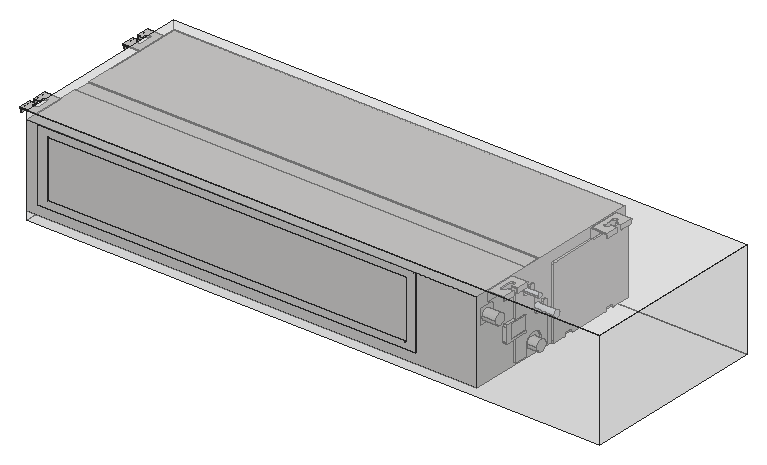
Revit family "outputfile", category 機械設備, Revit 2024
Family settings
  丸型コネクタ寸法 = 半径を使用
  パーツ タイプ = 標準
  OmniClass 番号 = 23.75.10.24.21.27.27
  OmniClass タイトル = Split System Air Conditioning Units
  作業面ベース = いいえ
  常に垂直 = はい
  ロード時にボイドで切り取り = いいえ
  注釈の向きを維持 = いいえ
  共有 = いいえ
  部屋計算ポイント = はい
Parameters (values of type "FPDAQ63APVM")
  Description = ""
  製造元 = "Daikin"
  書き出し IFC クラス(タイプ) = "IfcUnitaryEquipmentType"
  定義済み IFC タイプ(タイプ) = "AIRCONDITIONINGUNIT"
  Cost = 0
  モデル = "FPDAQ63APVM"
  Type Comments = ""
  Keynote = ""
  Type Image = (empty or 0)
  Assembly Code = ""
  lw_suctionflange = 36.75 mm  # constant formula
  r_Liquid Pipe Size = Liquid Pipe Size / 2  # 4.75 mm
  r_Gas Pipe Size = Gas Pipe Size / 2  # 7.95 mm
  r_Drain Pipe Size = Drain Pipe Size / 2  # 13.0 mm
  lw_dischargeflange = 60.0 mm  # constant formula
  lw_SA_left = 551.0 mm
  lw_SA = Width - 178.0 mm  # 922.0 mm
  lw_RA = 1024.5 mm
  lh_suctionflange [instance] = if(Rear Connection_Return Air, -100.0 mm, -10.0 mm)  # -100.0 mm
  lh_power = 100.0 mm  # constant formula
  lh_mountinghole1 = lh_mountinghole  # 200.0 mm
  lh_dischargeflange = 112.0 mm  # constant formula
  lh_RA = 198.0 mm  # constant formula
  ld_dischargeflange = 225.0 mm  # constant formula
  ld_suctionflange [instance] = if(Rear Connection_Return Air, 190.0 mm, 100.0 mm)  # 190.0 mm
  angle_vertical_RA [instance] = if(Rear Connection_Return Air, 90.00°, 0.00°)  # 90.00°
  angle horizontal_RA [instance] = if(Rear Connection_Return Air, 180.00°, 270.00°)  # 180.00°
  Voltage_comment_60Hz = "220-230"
  Voltage_comment_50Hz = "220 - 240"
  Voltage_60Hz = 220 V
  Voltage_50Hz = 230 V
  URL = ""
  Supply Air Direction [instance] = yes
  Sound Power Level_H speed (dB) = 0
  Rear Connection_Return Air [instance] = not(Bottom Connection_Return Air)  # yes
  ld_RA = 190.0 mm  # constant formula
  Phase_60Hz = 1
  Phase_50Hz = 1
  Minimum External Static Pressure = 0.00 Pa
  Minimum Circuit Amps_60Hz = 0.66 A
  Minimum Circuit Amps_50Hz = 0.66 A
  Maximum Fuse Amps_60Hz = 16.0 A
  Maximum Fuse Amps_50Hz = 16.0 A
  Maximum External Static Pressure = 10.00 Pa
  Material_Casing = DAIKIN_GalvanizedSteel_Casing_indoorunit
  lw_mountinghole = 1140.0 mm
  lh_gaspipe = -98.0 mm  # constant formula
  lh_mountinghole = 200.0 mm  # constant formula
  lh_liquidpipe = -45.5 mm  # constant formula
  lh_drainpipe = -50.0 mm  # constant formula
  lh_antena = 1.0 mm  # constant formula
  ld_drainpipe = 197.0 mm  # constant formula
  ld_liquidpipe = 84.0 mm  # constant formula
  ld_gaspipe = 46.5 mm  # constant formula
  ld_mountinghole = 315.0 mm  # constant formula
  h*** = 100.0 mm  # constant formula
  lw_liquidpipe = 40.0 mm  # constant formula
  lw_gaspipe = 51.0 mm  # constant formula
  lw_drainpipe = 33.0 mm  # constant formula
  Width = 1100.0 mm
  Version = "ver.1.0"
  Unit Type = "3D Air Flow Ceiling Mounted Duct Type"
  Unit Mass Weight = 23.00 kg
  Unit Designation [instance] = ""
  Uniclass2015Version = "Products v1.30"
  Uniclass2015Title = "Variable refrigerant flow units"
  Uniclass2015Code = "Pr_70_65_03_94"
  Total Cooling Capacity [instance] = 0.000 kW
  Sound Pressure Level_M speed (dBA) = 35
  Sound Pressure Level_L speed (dBA) = 30
  Sound Pressure Level_H speed (dBA) = 39
  Series = "VRV HOME_Fan Coil Unit"
  Sensible Cooling Capacity [instance] = 0.000 kW
  SA Duct Size Width = 856.0 mm
  SA Duct Size Height = 141.0 mm
  Refrigerant Type = "R410A"
  RA Duct Size Width = 998.5 mm
  RA Duct Size Height = 172.0 mm
  Power Input (Cooling) = 0.054 kW
  Option Accessory 3 [instance] = ""
  Option Accessory 2 [instance] = ""
  Option Accessory 1 [instance] = ""
  Nominal Cooling Capacity = 7.100 kW
  Minimum Airflow = 690.00 m³/h
  Median Airflow = 900.00 m³/h
  Maximum Airflow = 1140.00 m³/h
  Load Classification = HVAC
  Liquid Pipe Size = 9.5 mm
  Link_Nested Family [instance] = ""
  IfcVersion = ""
  IfcExportType = "AIRCONDITIONINGUNIT"
  IfcExportAs = "IfcUnitaryEquipmentType"
  Height = 200.0 mm
  Heat Exchanger Type = "Cross Fin Coil"
  Gas Pipe Size = 15.9 mm
  Frequency_60Hz = 60 Hz
  Frequency_50Hz = 50 Hz
  Fan Type = "Sirocco Fan"
  Fan Drive = "Direct Drive"
  FCU Tag No. [instance] = ""
  Drain Pipe Size = 26.0 mm
  Design Supply Airflow [instance] = 0.00 m³/h
  Design Return Airflow [instance] = 0.00 m³/h
  Design External Static Pressure [instance] = 0.00 Pa
  Depth = 450.0 mm
  既定の高さ = 0.0 mm
  Cooling Entering Wet Bulb Temperature [instance] = 0.00 °C
  Cooling Entering Dry Bulb Temperature [instance] = 0.00 °C
  Cooling Ambient Wet Bulb Temperature [instance] = 0.00 °C
  Cooling Ambient Dry Bulb Temperature [instance] = 0.00 °C
  Clearance visibility [instance] = yes
  Clearance Top = 20.0 mm
  Clearance Right = 300.0 mm
  Clearance Rear = 0.0 mm
  Clearance Left = 0.0 mm
  Clearance Front = 0.0 mm
  Clearance Bottom = 20.0 mm
  Bottom Connection_Return Air [instance] = no
  left_pipe = yes
Reference planes
  plane 1 "Center (Front/Back)": y = 0
  plane 2 "h": z = 0
  plane 3 "Center (Left/Right)": x = 0
  plane 4 "Back": y = 225
  plane 5 "Front": y = -225
  plane 6 "Left": x = -550
  plane 7 "Reight": x = 550
  plane 8 "Top": z = 0
  plane 9 "Bottom": z = -200
  plane 10: z = 1.2
  plane 11: z = -2
  plane 12: y = -136.255
  plane 13: z = -130.998
  plane 14: y = -88.831
  plane 15: x = -370
  plane 16 "lh_mountinghole": z = 0
  plane 17: y = -197
  plane 18: z = -50
  plane 19: y = -157.5
  plane 20: y = 157.5
  plane 21 "ld_liquidpipe": y = -84
  plane 22 "ld_gaspipe": y = -46.5
  plane 23: y = -215
  plane 24 "ld_maintenacesocket": y = -197
  plane 25: x = -570
  plane 26: x = -550
  plane 27: x = 548.7
  plane 28: x = 583
  plane 29: x = 557
  plane 30: x = 560
  plane 31: x = 558
  plane 32: x = 570
  plane 33: y = -62
  plane 34: x = 575.5
  plane 35: x = 548
  plane 36: y = 225
  plane 37: y = -225
  plane 38: x = -550
  plane 39: x = 850
  plane 40: z = 20
  plane 41: z = -220
  plane 42: y = 250
  plane 43: z = -198
  plane 44: z = 205.102
  plane 45 "d_liquid_pipe": x = 590
  plane 46 "d_gas_pipe": x = 601
  plane 47 "ld_SA": y = -225
  plane 48: x = -350
  plane 49: x = -60
  plane 50: y = 415
  plane 51: z = -88
  plane 52: z = -189.5
  plane 53: x = -549
  plane 54: z = -199
  plane 55: z = -1
  plane 56: y = 35
  plane 57: y = 25
  plane 58: z = -10
  plane 59 "RA_width": x = -36.75
  plane 60: y = 125
  plane 61 "RA_depth": y = 35
  plane 62: z = -100
  plane 63: x = -349
  plane 64: y = 224
  plane 65: x = 442.57
  plane 66: z = -31.16
  plane 67: x = 502
  plane 68: y = 158.8
  plane 69 "h86.5": z = -113.5
  plane 70: y = 111
Forms (mm)
  Extrusion 1, solid, material "DAIKIN_GalvanizedSteel_Casing_indoorunit" <- "Material_Casing"
    sketch origin (0, 0, 0) x (1, 0, 0) y (0, 1, 0)
      loop
        line (-550, 225) -> (-550, -225) -> (550, -225) -> (550, 225) -> (-550, 225)
    from -200 to 0
  Extrusion 2, solid, material "DAIKIN_GalvanizedSteel_Casing_indoorunit" <- "Material_Casing"
    sketch origin (0, 0.312, 0) x (0, 1, 0) y (0, 0, 1)
      loop
        line (182.791, -198) -> (224.688, -198) -> (224.688, -22.445) -> (195.656, -22.445) -> (192.165, -25.937) -> (122.336, -25.937) -> (118.844, -22.445) -> (1.633, -22.445)
        arc (1.633, -22.445) -> (-0.483, -23.322) -> (-1.36, -25.438) r 2.993
        line (-1.36, -25.438) -> (-1.36, -195.007)
        arc (-1.36, -195.007) -> (-0.483, -197.123) -> (1.633, -198) r 2.993
        line (1.633, -198) -> (31.061, -198)
        arc (31.061, -198) -> (33.177, -197.124) -> (34.053, -195.008) r 2.992
        line (34.053, -195.008) -> (34.053, -188.29)
        arc (34.053, -188.29) -> (35.55, -186.794) -> (37.046, -188.29) r 1.496
        line (37.046, -188.29) -> (37.046, -190.333) -> (52.01, -190.333) -> (52.01, -188.29)
        arc (52.01, -188.29) -> (53.506, -186.794) -> (55.002, -188.29) r 1.496
        line (55.002, -188.29) -> (55.002, -195.007)
        arc (55.002, -195.007) -> (55.879, -197.123) -> (57.995, -198) r 2.993
        line (57.995, -198) -> (155.756, -198)
        arc (155.756, -198) -> (157.872, -197.123) -> (158.749, -195.007) r 2.993
        line (158.749, -195.007) -> (158.749, -188.29)
        arc (158.749, -188.29) -> (160.245, -186.794) -> (161.741, -188.29) r 1.496
        line (161.741, -188.29) -> (161.741, -190.333) -> (176.705, -190.333) -> (176.705, -188.29)
        arc (176.705, -188.29) -> (178.201, -186.794) -> (179.697, -188.29) r 1.496
        line (179.697, -188.29) -> (179.697, -195.005)
        arc (179.697, -195.005) -> (180.571, -197.115) -> (182.682, -197.989) r 2.984
      loop
        arc (-61.313, -42.952) -> (-62.034, -41.571) -> (-63.466, -40.958) r 2.32
        line (-63.466, -40.958) -> (-70.317, -40.958)
        arc (-70.317, -40.958) -> (-71.728, -41.542) -> (-72.313, -42.953) r 1.995
        line (-72.313, -42.953) -> (-72.313, -45.5)
        arc (-72.313, -45.5) -> (-84.313, -57.5) -> (-96.313, -45.5) r 12
        line (-96.313, -45.5) -> (-96.313, -42.953)
        arc (-96.313, -42.953) -> (-96.897, -41.542) -> (-98.308, -40.958) r 1.995
        line (-98.308, -40.958) -> (-115.14, -40.958)
        arc (-115.14, -40.958) -> (-116.551, -41.542) -> (-117.135, -42.953) r 1.995
        line (-117.135, -42.953) -> (-117.135, -189.5) -> (-22.307, -189.5) -> (-22.307, -92.768)
        arc (-22.307, -92.768) -> (-22.891, -91.358) -> (-24.302, -90.773) r 1.995
        line (-24.302, -90.773) -> (-30.318, -90.773)
        arc (-30.318, -90.773) -> (-31.728, -91.358) -> (-32.313, -92.768) r 1.995
        line (-32.313, -92.768) -> (-32.313, -99.963)
        arc (-32.313, -99.963) -> (-47.621, -112.774) -> (-61.313, -98.249) r 14.551
        line (-61.313, -98.249) -> (-61.313, -42.952)
    from 550 to 557
  Extrusion 3, solid, material "DAIKIN_GalvanizedSteel_Casing_indoorunit" <- "Material_Casing"
    sketch origin (0, 0, 0) x (0, 1, 0) y (0, 0, 1)
      loop
        line (-91.821, -94.277) -> (-145.472, -94.277)
        arc (-145.472, -94.277) -> (-147.727, -95.07) -> (-148.682, -97.262) r 2.993
        line (-148.682, -97.262) -> (-148.682, -131.007)
        arc (-148.682, -131.007) -> (-147.871, -133.233) -> (-145.694, -134.172) r 2.993
        line (-145.694, -134.172) -> (-92.043, -134.172)
        arc (-92.043, -134.172) -> (-89.788, -133.378) -> (-88.833, -131.187) r 2.993
        line (-88.833, -131.187) -> (-88.831, -97.148)
        arc (-88.831, -97.148) -> (-89.748, -95.111) -> (-91.821, -94.277) r 2.993
    from 550 to 560
  Extrusion 4, void
    sketch origin (0, 0, 0) x (1, 0, 0) y (0, 1, 0)
      loop
        line (548.7, -35.647) -> (-550, -35.647) -> (-550, -77.912) -> (548.7, -77.912) -> (548.7, -35.647)
    from -2 to 0
  Extrusion 5, void
    sketch origin (0, 0, 0) x (0, 1, 0) y (0, 0, 1)
      loop
        line (-136.255, -95.719) -> (-136.255, -130.724) -> (-88.831, -130.724) -> (-88.831, -95.719) -> (-136.255, -95.719)
    from 558 to 560
  Extrusion 6, void
    sketch origin (0, 0, 29.537) x (0, 1, 0) y (0, 0, 1)
      loop
        arc (-37.558, -199.001) -> (-61.998, -174.561) -> (-86.438, -199.001) r 24.44
        line (-86.438, -199.001) -> (-86.438, -219.037) -> (-37.558, -219.037) -> (-37.558, -199.001)
    from 557 to 550
  Extrusion 7, solid, material "DAIKIN_GalvanizedSteel_Casing_indoorunit" <- "Material_Casing"
    sketch origin (0, 0, 0) x (0, 1, 0) y (0, 0, 1)
      loop
        circle (-62, -170) r 12.968
    from 550 to 575.5
  Extrusion 8, solid, material "DAIKIN_GalvanizedSteel_Casing_indoorunit" <- "Material_Casing"
    sketch origin (0, 0, 0) x (0, 1, 0) y (0, 0, 1)
      loop
        circle (-197, -50) r 13
    from 548 to 583
  Extrusion 9, void
    sketch origin (0, 0, 0) x (0, 1, 0) y (0, 0, 1)
      loop
        arc (-212.961, -29.051) -> (-216.488, -30.512) -> (-217.949, -34.039) r 4.988
        line (-217.949, -34.039) -> (-217.949, -63.961)
        arc (-217.949, -63.961) -> (-216.488, -67.488) -> (-212.961, -68.949) r 4.988
        line (-212.961, -68.949) -> (-181.039, -68.949)
        arc (-181.039, -68.949) -> (-177.512, -67.488) -> (-176.051, -63.961) r 4.988
        line (-176.051, -63.961) -> (-176.051, -34.039)
        arc (-176.051, -34.039) -> (-177.512, -30.512) -> (-181.039, -29.051) r 4.988
        line (-181.039, -29.051) -> (-212.961, -29.051)
    from 548 to 550
  Extrusion 10, solid
    sketch origin (0, 0, 0) x (0, 1, 0) y (0, 0, 1)
      loop
        circle (-84, -45.5) r 4.75
    from 550 to 590
  Extrusion 11, solid
    sketch origin (0, 0, 0) x (0, 1, 0) y (0, 0, 1)
      loop
        circle (-46.5, -98) r 7.95
    from 550 to 601
  Extrusion 12, solid, material "DAIKIN_GalvanizedSteel_Casing_indoorunit" <- "Material_Casing"
    sketch origin (0, 0, 0) x (1, 0, 0) y (0, 1, 0)
      loop
        circle (502, 158.8) r 25
    from -198 to -200
  Extrusion 13, void
    sketch origin (0, 0, 0) x (1, 0, 0) y (0, 0, 1)
      loop
        line (-549, -1) -> (-549, -199) -> (462.5, -199) -> (462.5, -1) -> (-549, -1)
    from -225 to -35
  Extrusion 14, void
    sketch origin (0, 0, 0) x (1, 0, 0) y (0, 1, 0)
      loop
        line (-549, 224) -> (-549, 26) -> (462.5, 26) -> (462.5, 224) -> (-549, 224)
    from -200 to -10
  Extrusion 15, solid, material "DAIKIN_GalvanizedSteel_Casing_indoorunit" <- "Material_Casing", visible <- "Rear Connection_Return Air"
    sketch origin (0, 0, 0) x (1, 0, 0) y (0, 1, 0)
      loop
        line (462.5, 224) -> (-549, 224) -> (-549, 26) -> (462.5, 26) -> (462.5, 224)
    from -200 to -199
  Extrusion 16, solid, material "DAIKIN_GalvanizedSteel_Casing_indoorunit" <- "Material_Casing", visible <- "Bottom Connection_Return Air"
    sketch origin (0, 0, 0) x (1, 0, 0) y (0, 0, 1)
      loop
        line (462.5, -1) -> (-549, -1) -> (-549, -199) -> (462.5, -199) -> (462.5, -1)
    from -225 to -215
  Extrusion 17, void
    sketch origin (-550, 0, 0) x (0, 1, 0) y (0, 0, 1)
      loop
        line (152, -88.5) -> (70, -88.5) -> (70, -138.5) -> (152, -138.5) -> (152, -88.5)
    from 0 to 0.5
  Revolve 18, solid, material "DAIKIN_GalvanizedSteel_Casing_indoorunit" <- "Material_Casing", visible <- "left_pipe"
    sketch origin (0, 0, -113.5) x (0, 1, 0) y (-1, 0, 0)
      loop
        line (111, 549.5) -> (111, 573) -> (103.5, 573) -> (103.5, 559) -> (93.5, 559) -> (93.5, 557.5) -> (90, 557.5) -> (90, 549.5) -> (111, 549.5)
      axis (111, 573) -> (111, 549.5)
    angle from 0 to 360
Cuts and joins
  Extrusion 4, Extrusion 5, Extrusion 9, Extrusion 13, Extrusion 14, Extrusion 17 cuts Extrusion 1
  Extrusion 5 cuts Extrusion 3
  Extrusion 6 cuts Extrusion 2
  Extrusion 13 cuts Extrusion 8
Dimensions and locks
  "Height": plane 8 "Top" to plane 9 "Bottom"
  locked: plane 10 to plane 8 "Top" at 1.2
  locked: plane 8 "Top" to plane 11 at 2
  locked: Extrusion 6 sketch curve to Extrusion 6 sketch curve at 48.881
  locked: Extrusion 6 sketch curve to Extrusion 6 sketch curve at 20.035  (x2)
  equal spacing: plane 19, plane 1 "Center (Front/Back)", plane 20
  "ld_mountinghole": plane 19 to plane 20
  "ld_gaspipe": plane 22 "ld_gaspipe" to plane 1 "Center (Front/Back)"
  "ld_liquidpipe": plane 21 "ld_liquidpipe" to plane 1 "Center (Front/Back)"
  "ld_drainpipe": plane 24 "ld_maintenacesocket" to plane 1 "Center (Front/Back)"
  equal spacing: plane 4 "Back", plane 1 "Center (Front/Back)", plane 5 "Front"
  "Depth": plane 4 "Back" to plane 5 "Front"
  locked: plane 12 to plane 1 "Center (Front/Back)" at 136.255
  locked: plane 12 to plane 14 at 47.425
  locked: plane 14 to plane 1 "Center (Front/Back)" at 88.831
  locked: plane 13 to plane 9 "Bottom" at 69.002
  equal spacing: plane 6 "Left", plane 3 "Center (Left/Right)", plane 7 "Reight"
  "Width": plane 6 "Left" to plane 7 "Reight"
  "lw_drainpipe": plane 7 "Reight" to plane 28
  locked: plane 7 "Reight" to plane 29 at 7
  locked: plane 30 to plane 28 at 23
  locked: plane 31 to plane 28 at 25
  equal spacing: plane 25, plane 3 "Center (Left/Right)", plane 32
  "lw_mountinghole": plane 25 to plane 32
  locked: plane 7 "Reight" to plane 34 at 25.5
  locked: plane 35 to plane 7 "Reight" at 2
  "Clearance Left": plane 38 to plane 6 "Left"
  "Clearance Right": plane 7 "Reight" to plane 39
  "Clearance Rear": plane 36 to plane 4 "Back"
  "Clearance Front": plane 5 "Front" to plane 37
  "Clearance Top": plane 40 to plane 8 "Top"
  "Clearance Bottom": plane 9 "Bottom" to plane 41
  locked: plane 42 to plane 4 "Back" at 25
  locked: plane 27 to plane 7 "Reight" at 1.3
  locked: plane 43 to plane 9 "Bottom" at 2
  "lw_liquidpipe": plane 7 "Reight" to plane 45 "d_liquid_pipe"
  "lw_gaspipe": plane 7 "Reight" to plane 46 "d_gas_pipe"
  "lh_mountinghole": plane 16 "lh_mountinghole" to plane 9 "Bottom"
  "ld_suctionflange": plane 50 to plane 4 "Back"
  "lw_dischargeflange": plane 49 to plane 3 "Center (Left/Right)"
  "lh_dischargeflange": plane 51 to plane 9 "Bottom"
  locked: plane 52 to plane 9 "Bottom" at 10.5
  locked: plane 33 to plane 1 "Center (Front/Back)" at 62
  locked: plane 8 "Top" to plane 55 at 1
  locked: plane 53 to plane 6 "Left" at 1
  locked: plane 54 to plane 9 "Bottom" at 1
  locked: plane 58 to plane 9 "Bottom" at 190
  locked: plane 4 "Back" to plane 56 at 190
  locked: plane 4 "Back" to plane 57 at 200
  locked: plane 4 "Back" to plane 60 at 100
  "lw_suctionflange": plane 59 "RA_width" to plane 3 "Center (Left/Right)"
  "ld_suctionflange": plane 4 "Back" to plane 61 "RA_depth"
  "lh_power": plane 62 to plane 9 "Bottom"
  locked: plane 48 to plane 63 at 1
  locked: plane 36 to plane 64 at 1
  locked: plane 8 "Top" to plane 66 at 31.16
  locked: plane 7 "Reight" to plane 65 at 107.43
  locked: plane 18 to plane 9 "Bottom" at 150
  locked: plane 67 to plane 7 "Reight" at 48
  locked: Extrusion 17 sketch curve to Extrusion 17 sketch curve at 82
  locked: Extrusion 17 sketch curve to Extrusion 17 sketch curve at 50
  locked: plane 4 "Back" to Extrusion 17 sketch curve at 73
  locked: Extrusion 17 sketch curve to plane 9 "Bottom" at 61.5
  locked: plane 69 "h86.5" to plane 9 "Bottom" at 86.5
  locked: plane 4 "Back" to plane 70 at 114
  locked: plane 70 to Revolve 18 sketch curve at 21
  locked: plane 70 to Revolve 18 sketch curve at 17.5
  locked: plane 70 to Revolve 18 sketch curve at 7.5
  locked: Revolve 18 sketch curve to plane 6 "Left" at 23
  cut or joined group of Extrusion 1, Extrusion 4, Extrusion 5, Extrusion 9, Extrusion 13, Extrusion 14, Extrusion 17 to nested 16 = 998.5 mm
  nested 16 to nested 9 = 14.0 mm
  nested 16 to cut or joined group of Extrusion 1, Extrusion 4, Extrusion 5, Extrusion 9, Extrusion 13, Extrusion 14, Extrusion 17 = 13.0 mm
  "ld_dischargeflange": plane 47 "ld_SA" to plane 1 "Center (Front/Back)"
  plane 4 "Back" to plane 68 = 66.2 mm
  "Drain Pipe Size": diameter of Extrusion 8 sketch curve
  "Liquid Pipe Size": diameter of Extrusion 10 sketch curve
  "Gas Pipe Size": diameter of Extrusion 11 sketch curve
  aligned and locked: level to plane 2 "h"
  aligned and locked: plane 8 "Top" to Extrusion 1
  aligned and locked: Extrusion 1 to plane 9 "Bottom"
  aligned and locked: cut or joined group of Extrusion 1, Extrusion 4, Extrusion 5, Extrusion 9, Extrusion 13, Extrusion 14, Extrusion 17 to plane 8 "Top"
  aligned and locked: Extrusion 4 to plane 11
  aligned and locked: plane 8 "Top" to Extrusion 4
  aligned and locked: Extrusion 3 to Extrusion 5
  aligned and locked: plane 14 to Extrusion 5 sketch curve
  aligned and locked: Extrusion 5 sketch curve to plane 12
  aligned and locked: plane 19 to nested 1
  aligned and locked: nested 3 to plane 19
  aligned and locked: nested 2 to plane 20
  aligned and locked: nested 4 to plane 22 "ld_gaspipe"
  aligned and locked: nested 5 to plane 21 "ld_liquidpipe"
  aligned and locked: nested 6 to plane 24 "ld_maintenacesocket"
  aligned and locked: plane 4 "Back" to cut or joined group of Extrusion 2, Extrusion 6
  aligned and locked: nested 1 to plane 7 "Reight"
  aligned and locked: plane 6 "Left" to plane 26
  aligned and locked: Extrusion 4 sketch curve to plane 26
  aligned and locked: Extrusion 4 sketch curve to plane 27
  aligned and locked: cut or joined group of Extrusion 1, Extrusion 4, Extrusion 5, Extrusion 9, Extrusion 13, Extrusion 14, Extrusion 17 to plane 6 "Left"
  aligned and locked: plane 7 "Reight" to cut or joined group of Extrusion 1, Extrusion 4, Extrusion 5, Extrusion 9, Extrusion 13, Extrusion 14, Extrusion 17
  aligned and locked: plane 28 to Extrusion 8
  aligned and locked: Extrusion 8 to plane 28  (x2)
  aligned and locked: cut or joined group of Extrusion 2, Extrusion 6 to plane 29
  aligned and locked: plane 29 to cut or joined group of Extrusion 2, Extrusion 6  (x3)
  aligned and locked: plane 7 "Reight" to nested 1
  aligned and locked: cut or joined group of Extrusion 2, Extrusion 6 to plane 7 "Reight"
  aligned and locked: Extrusion 2 to Extrusion 6
  aligned and locked: Extrusion 6 to plane 7 "Reight"
  aligned and locked: plane 30 to cut or joined group of Extrusion 3, Extrusion 5
  aligned and locked: cut or joined group of Extrusion 3, Extrusion 5 to plane 31
  aligned and locked: nested 2 to plane 6 "Left"
  aligned and locked: nested 3 to plane 6 "Left"
  aligned and locked: plane 33 to Extrusion 7 sketch curve
  aligned and locked: Extrusion 7 to plane 7 "Reight"
  aligned and locked: plane 34 to Extrusion 7
  aligned and locked: Extrusion 3 to plane 7 "Reight"
  aligned and locked: plane 7 "Reight" to Extrusion 9
  aligned and locked: plane 35 to Extrusion 9
  aligned and locked: plane 35 to Extrusion 8
  aligned and locked: plane 20 to nested 7
  aligned and locked: plane 3 "Center (Left/Right)" to nested 8
  aligned and locked: plane 1 "Center (Front/Back)" to nested 8
  aligned and locked: plane 7 "Reight" to nested 7
  aligned and locked: plane 4 "Back" to cut or joined group of Extrusion 1, Extrusion 4, Extrusion 5, Extrusion 9, Extrusion 13, Extrusion 14, Extrusion 17
  aligned and locked: nested 9 to plane 37
  aligned and locked: plane 38 to nested 9
  aligned and locked: plane 39 to nested 9
  aligned and locked: nested 9 to plane 38
  aligned and locked: plane 36 to nested 9
  aligned and locked: plane 40 to nested 9
  aligned and locked: plane 41 to nested 9
  aligned and locked: cut or joined group of Extrusion 1, Extrusion 4, Extrusion 5, Extrusion 9, Extrusion 13, Extrusion 14, Extrusion 17 to plane 9 "Bottom"
  aligned and locked: Extrusion 10 to plane 7 "Reight"
  aligned and locked: plane 45 "d_liquid_pipe" to Extrusion 10
  aligned and locked: plane 22 "ld_gaspipe" to Extrusion 11 sketch curve
  aligned and locked: Extrusion 11 to plane 7 "Reight"
  aligned and locked: plane 46 "d_gas_pipe" to Extrusion 11
  aligned and locked: plane 46 "d_gas_pipe" to nested 4
  aligned and locked: plane 45 "d_liquid_pipe" to nested 5
  aligned and locked: plane 21 "ld_liquidpipe" to Extrusion 10 sketch curve
  aligned and locked: plane 16 "lh_mountinghole" to nested 3
  aligned and locked: plane 16 "lh_mountinghole" to nested 2
  aligned and locked: plane 16 "lh_mountinghole" to nested 1
  aligned and locked: plane 16 "lh_mountinghole" to nested 7
  aligned and locked: plane 32 to nested 10
  aligned and locked: plane 19 to nested 10
  aligned and locked: plane 32 to nested 13
  aligned and locked: plane 20 to nested 13
  aligned and locked: plane 25 to nested 11
  aligned and locked: plane 20 to nested 11
  aligned and locked: plane 25 to nested 12
  aligned and locked: plane 19 to nested 12
  aligned and locked: plane 49 to nested 14
  aligned and locked: plane 51 to nested 14
  aligned and locked: plane 20 to nested 15
  aligned and locked: plane 52 to Extrusion 2 sketch curve
  aligned and locked: cut or joined group of Extrusion 2, Extrusion 6 to Extrusion 12
  aligned and locked: Extrusion 12 to plane 9 "Bottom"
  aligned and locked: nested 15 to plane 9 "Bottom"
  aligned and locked: Extrusion 2 sketch curve to plane 43  (x3)
  aligned and locked: plane 53 to Extrusion 13 sketch curve
  aligned and locked: Extrusion 13 sketch curve to plane 55
  aligned and locked: plane 54 to Extrusion 13 sketch curve
  aligned and locked: plane 4 "Back" to Extrusion 13
  aligned and locked: nested 16 to cut or joined group of Extrusion 1, Extrusion 4, Extrusion 5, Extrusion 9, Extrusion 13, Extrusion 14, Extrusion 17
  aligned and locked: Extrusion 14 to plane 9 "Bottom"
  aligned and locked: plane 58 to Extrusion 14
  aligned and locked: Extrusion 15 sketch curve to cut or joined group of Extrusion 1, Extrusion 4, Extrusion 5, Extrusion 9, Extrusion 13, Extrusion 14, Extrusion 17  (x2)
  aligned and locked: cut or joined group of Extrusion 1, Extrusion 4, Extrusion 5, Extrusion 9, Extrusion 13, Extrusion 14, Extrusion 17 to Extrusion 15 sketch curve
  aligned and locked: Extrusion 15 to plane 9 "Bottom"
  aligned and locked: Extrusion 13 to plane 56
  aligned and locked: Extrusion 16 sketch curve to cut or joined group of Extrusion 1, Extrusion 4, Extrusion 5, Extrusion 9, Extrusion 13, Extrusion 14, Extrusion 17  (x3)
  aligned and locked: plane 4 "Back" to Extrusion 16
  aligned and locked: Extrusion 15 to cut or joined group of Extrusion 1, Extrusion 4, Extrusion 5, Extrusion 9, Extrusion 13, Extrusion 14, Extrusion 17
  aligned and locked: plane 7 "Reight" to nested 6
  aligned and locked: plane 24 "ld_maintenacesocket" to nested 6
  aligned and locked: plane 61 "RA_depth" to nested 17
  aligned and locked: plane 67 to Extrusion 12 sketch curve
  aligned and locked: plane 68 to Extrusion 12 sketch curve
  aligned and locked: plane 67 to nested 15
  aligned and locked: nested 18 to Extrusion 16
  aligned and locked: plane 70 to Revolve 18 sketch curve
  aligned and locked: plane 49 to nested 19
  aligned and locked: plane 47 "ld_SA" to nested 19
  aligned and locked: plane 1 "Center (Front/Back)" to nested 14
  aligned and locked: nested 19 to plane 51
Automatic sketch dimensions
  Extrusion 3 sketch curve to Extrusion 3 sketch curve = 0.217 mm  (x2)
  Extrusion 3 sketch curve to Extrusion 3 sketch curve = 2.985 mm  (x2)
  Extrusion 3 sketch curve to Extrusion 3 sketch curve = 53.651 mm
  Extrusion 3 sketch curve to Extrusion 3 sketch curve = 2.988 mm
  Extrusion 3 sketch curve to Extrusion 3 sketch curve = 0.172 mm
  Extrusion 3 sketch curve to Extrusion 3 sketch curve = 0.222 mm
  Extrusion 3 sketch curve to Extrusion 3 sketch curve = 2.993 mm
  Extrusion 3 sketch curve to Extrusion 3 sketch curve = 0.008 mm
  plane 1 "Center (Front/Back)" to Extrusion 4 sketch curve = 77.912 mm
  plane 1 "Center (Front/Back)" to Extrusion 4 sketch curve = 35.647 mm
  plane 9 "Bottom" to Extrusion 7 sketch curve = 30.0 mm
  Extrusion 3 sketch curve to Extrusion 3 sketch curve = 2.99 mm
  plane 9 "Bottom" to Extrusion 3 sketch curve = 65.828 mm
  Extrusion 3 sketch curve to Extrusion 3 sketch curve = 33.917 mm
  Extrusion 3 sketch curve to Extrusion 3 sketch curve = 33.745 mm
  Extrusion 3 sketch curve to plane 19 = 8.818 mm
  plane 23 to Extrusion 1 sketch curve = 10.0 mm
  Extrusion 1 sketch curve to plane 6 "Left" = 0.0 mm
  Extrusion 1 sketch curve to plane 7 "Reight" = 0.0 mm
  plane 23 to Extrusion 9 sketch curve = 2.949 mm
  Extrusion 9 sketch curve to plane 23 = 2.039 mm  (x2)
  Extrusion 9 sketch curve to plane 24 "ld_maintenacesocket" = 15.961 mm
  Extrusion 9 sketch curve to Extrusion 9 sketch curve = 4.988 mm  (x2)
  Extrusion 1 sketch curve to plane 4 "Back" = 0.0 mm
  plane 21 "ld_liquidpipe" to Extrusion 6 sketch curve = 2.438 mm
  plane 43 to Extrusion 6 sketch curve = 8.5 mm
  plane 6 "Left" to Extrusion 14 sketch curve = 1.0 mm
  Extrusion 14 sketch curve to plane 7 "Reight" = 87.5 mm
  Extrusion 14 sketch curve to plane 4 "Back" = 1.0 mm
  Extrusion 15 sketch curve to plane 4 "Back" = 1.0 mm
  plane 51 to Extrusion 5 sketch curve = 7.719 mm
  Extrusion 9 sketch curve to plane 51 = 19.051 mm
  Extrusion 9 sketch curve to plane 58 = 24.039 mm
  Extrusion 10 sketch curve to plane 58 = 35.5 mm
  plane 35 to Extrusion 16 sketch curve = 85.5 mm
  plane 35 to Extrusion 13 sketch curve = 85.5 mm
  plane 57 to Extrusion 14 sketch curve = 1.0 mm
  Extrusion 8 sketch curve to plane 17 = 0.0 mm
  Extrusion 8 sketch curve to plane 18 = 0.0 mm
  plane 62 to Extrusion 11 sketch curve = 2.0 mm
  plane 13 to Extrusion 5 sketch curve = 0.274 mm
  Revolve 18 sketch curve to plane 70 = 0.0 mm
  plane 6 "Left" to Revolve 18 sketch curve = 0.5 mm
  Revolve 18 sketch curve to Revolve 18 sketch curve = 24.26 mm
  Revolve 18 sketch curve to Revolve 18 sketch curve = 20.32 mm
  Extrusion 2 sketch curve to plane 4 "Back" = 0.0 mm
  plane 66 to Extrusion 2 sketch curve = 5.223 mm
  Extrusion 2 sketch curve to plane 4 "Back" = 32.523 mm
  plane 43 to Extrusion 2 sketch curve = 2.995 mm
  Extrusion 2 sketch curve to plane 20 = 25.494 mm
  plane 52 to Extrusion 2 sketch curve = 1.21 mm  (x4)
  Extrusion 2 sketch curve to Extrusion 2 sketch curve = 2.984 mm
  Extrusion 2 sketch curve to Extrusion 2 sketch curve = 1.496 mm  (x3)
  Extrusion 2 sketch curve to plane 52 = 0.833 mm  (x2)
  Extrusion 2 sketch curve to plane 20 = 4.554 mm
  plane 20 to Extrusion 2 sketch curve = 1.432 mm
  Extrusion 2 sketch curve to plane 60 = 2.352 mm
  Extrusion 2 sketch curve to Extrusion 2 sketch curve = 3.492 mm
  plane 43 to Extrusion 2 sketch curve = 2.993 mm
  plane 56 to Extrusion 2 sketch curve = 23.307 mm
  plane 56 to Extrusion 2 sketch curve = 2.359 mm
  plane 56 to Extrusion 2 sketch curve = 0.862 mm
  Extrusion 2 sketch curve to plane 56 = 0.634 mm
  Extrusion 2 sketch curve to Extrusion 2 sketch curve = 2.992 mm
  Extrusion 2 sketch curve to plane 1 "Center (Front/Back)" = 1.945 mm  (x2)
  plane 1 "Center (Front/Back)" to Extrusion 2 sketch curve = 1.047 mm
  Extrusion 2 sketch curve to Extrusion 2 sketch curve = 20.947 mm
  Extrusion 2 sketch curve to Extrusion 2 sketch curve = 1.995 mm  (x4)
  Extrusion 2 sketch curve to Extrusion 2 sketch curve = 6.016 mm
  plane 62 to Extrusion 2 sketch curve = 0.037 mm
  Extrusion 2 sketch curve to plane 22 "ld_gaspipe" = 0.051 mm
  Extrusion 2 sketch curve to plane 66 = 11.792 mm
  Extrusion 2 sketch curve to Extrusion 2 sketch curve = 30.995 mm
  Extrusion 2 sketch curve to Extrusion 2 sketch curve = 2.154 mm
  Extrusion 2 sketch curve to Extrusion 2 sketch curve = 0.144 mm
  Extrusion 2 sketch curve to Extrusion 2 sketch curve = 6.708 mm
  plane 21 "ld_liquidpipe" to Extrusion 2 sketch curve = 0.0 mm
  Extrusion 2 sketch curve to plane 66 = 9.798 mm
  Extrusion 2 sketch curve to Extrusion 2 sketch curve = 16.833 mm
  plane 21 "ld_liquidpipe" to Extrusion 2 sketch curve = 32.823 mm
  plane 51 to Extrusion 2 sketch curve = 4.768 mm
  Extrusion 2 sketch curve to Extrusion 2 sketch curve = 2.547 mm
  Extrusion 2 sketch curve to Extrusion 2 sketch curve = 0.321 mm
  plane 66 to Extrusion 2 sketch curve = 5.722 mm
  Extrusion 2 sketch curve to Extrusion 2 sketch curve = 3.491 mm
  Extrusion 2 sketch curve to Extrusion 2 sketch curve = 0.11 mm
  Extrusion 2 sketch curve to Extrusion 2 sketch curve = 0.0 mm
  plane 66 to Extrusion 2 sketch curve = 8.715 mm
  Revolve 18 sketch curve to Revolve 18 sketch curve = 1.5 mm
  Revolve 18 sketch curve to plane 6 "Left" = 7.5 mm
  radius of Extrusion 7 sketch curve = 12.968 mm
  radius of Extrusion 12 sketch curve = 25.0 mm
Nested families
  nested 1: "daikin_hangerfixture_FPDSQ-APVM" at (550, -157.5, 0), type "daikin_hangerfixture_FPDSQ-APVM"
  nested 2: "daikin_hangerfixture_FPDSQ-APVM" at (-550, 157.5, 0) x (-1, 0, 0) z (0, 0, 1), type "daikin_hangerfixture_FPDSQ-APVM"
  nested 3: "daikin_hangerfixture_FPDSQ-APVM" at (-550, -157.5, 0) x (-1, 0, 0) z (0, 0, 1), type "daikin_hangerfixture_FPDSQ-APVM"
  nested 4: "daikin_connector_rotate2" at (550, -46.5, -98) x (0, 1, 0) z (0, 0, 1), length <- "lw_gaspipe", built-in parameter 1001364 <- "lh_gaspipe", type "daikin_connector_rotate2"
    with radius 6.35 mm, length 51.0 mm, angle_vertical 90.00°
  nested 5: "daikin_connector_rotate2" at (550, -84, -45.5) x (0, 1, 0) z (0, 0, 1), length <- "lw_liquidpipe", built-in parameter 1001364 <- "lh_liquidpipe", type "daikin_connector_rotate2"
    with radius 3.2 mm, length 40.0 mm, angle_vertical 90.00°
  nested 6: "daikin_connector_rotate2" at (550, -197, -50) x (0, 1, 0) z (0, 0, 1), length <- "lw_drainpipe", built-in parameter 1001364 <- "lh_drainpipe", type "daikin_connector_rotate2"
    with radius 13.0 mm, length 33.0 mm, angle_vertical 90.00°
  nested 7: "daikin_hangerfixture_FPDSQ-APVM" at (550, 157.5, 0), type "daikin_hangerfixture_FPDSQ-APVM"
  nested 8: "daikin_△_symbolicline" at (0, 0, 200), built-in parameter 1001364 <- "Height", visible <- "Supply Air Direction", type "daikin_△_symbolicline"
    with length 200.0 mm
  nested 9: "daikin_clearancespace" at (150, 0, -99.881), visible <- "Clearance visibility", show <- "Clearance visibility", Link_Nested Family <- "Link_Nested Family", type "daikin_clearancespace"
    with width 1400.0 mm, show yes, height 240.0 mm, depth 450.0 mm, Link_Nested Family ""
  nested 10: "daikin_mountinghole" at (570, -157.5, -200), l_antenna <- "lh_antena", Link_Nested Family <- "Link_Nested Family", h_mountinghole <- "lh_mountinghole1", type "daikin_mountinghole"
    with show yes, l_antenna 1.0 mm, h_mountinghole 200.0 mm, Link_Nested Family ""
  nested 11: "daikin_mountinghole" at (-570, 157.5, -200), l_antenna <- "lh_antena", Link_Nested Family <- "Link_Nested Family", h_mountinghole <- "lh_mountinghole1", type "daikin_mountinghole"
    with show yes, l_antenna 1.0 mm, h_mountinghole 200.0 mm, Link_Nested Family ""
  nested 12: "daikin_mountinghole" at (-570, -157.5, -200), l_antenna <- "lh_antena", Link_Nested Family <- "Link_Nested Family", h_mountinghole <- "lh_mountinghole1", type "daikin_mountinghole"
    with show yes, l_antenna 1.0 mm, h_mountinghole 200.0 mm, Link_Nested Family ""
  nested 13: "daikin_mountinghole" at (570, 157.5, -200), l_antenna <- "lh_antena", Link_Nested Family <- "Link_Nested Family", h_mountinghole <- "lh_mountinghole1", type "daikin_mountinghole"
    with show yes, l_antenna 1.0 mm, h_mountinghole 200.0 mm, Link_Nested Family ""
  nested 14: "daikin_connector_rotate2" at (-60, 0, -88), length <- "ld_dischargeflange", type "daikin_connector_rotate2"
    with radius 10.0 mm, length 225.0 mm, angle_vertical 90.00°
  nested 15: "daikin_connector_rotate2" at (502, 157.5, -100) x (1, 0, 0) z (0, -1, 0), length <- "lh_power", type "daikin_connector_rotate2"
    with radius 10.0 mm, length 100.0 mm, angle_vertical 90.00°
  nested 16: "daikin_ductflange_FPDSQ-APVM2" at (-36.75, 225, -199), height <- "lh_RA", width <- "lw_RA", visible <- "Rear Connection_Return Air", type "daikin_ductflange_FPDSQ-APVM2"
    with width 1024.5 mm, height 198.0 mm, depth 8.188 mm
  nested 17: "daikin_connector_rotate3" at (-36.75, 35, -100), built-in parameter 1001364 <- "lh_suctionflange", length <- "ld_RA", angle_vertical <- "angle_vertical_RA", angle_horizontal <- "angle horizontal_RA", type "daikin_connector_rotate3"
    with show no, radius 10.0 mm, length 190.0 mm, angle_vertical 90.00°, angle_horizontal 180.00°
  nested 18: "daikin_ductflange_FPDSQ-APVM2" at (-36.75, 26, -200) x (1, 0, 0) z (0, 1, 0), width <- "lw_RA", height <- "lh_RA", visible <- "Bottom Connection_Return Air", type "daikin_ductflange_FPDSQ-APVM2"
    with width 1024.5 mm, height 198.0 mm, depth 562.323 mm
  nested 19: "daikin_ductflange_FPDSQ-APVM3" at (-60, -225, -187), height <- "lh_RA", width <- "lw_SA", type "daikin_ductflange_FPDSQ-APVM3"
    with width 922.0 mm, height 198.0 mm, depth 1.0 mm
Connectors
  piping at (601, -46.5, -98), diameter 15.9, driven by "r_Gas Pipe Size"
    settings: on nested 4, index 3, connector inside diameter 609.6 mm, connector length 0.0 mm, flow factor 0, pipe flow 0.00 m³/h, pressure drop 0.0 Pa, fitting loss kfactor 0, connector angle 0.00°, fixture units 0, engagement length 0.0 mm, angle of deflection 0.00°, flow configuration 1, flow direction 2, fitting loss method 0, system type 29, joint type 0, gender type 0, connector reference index -1, connector utility 0, adjustable connector no, is connector primary yes, connector description "Refrigerant Gas Piping"
  piping at (590, -84, -45.5), diameter 9.5, driven by "r_Liquid Pipe Size"
    settings: on nested 5, index 4, connector inside diameter 609.6 mm, connector length 0.0 mm, flow factor 0, pipe flow 0.00 m³/h, pressure drop 0.0 Pa, fitting loss kfactor 0, connector angle 0.00°, fixture units 0, engagement length 0.0 mm, angle of deflection 0.00°, flow configuration 1, flow direction 1, fitting loss method 0, system type 29, joint type 0, gender type 0, connector reference index -1, connector utility 0, adjustable connector no, is connector primary no, connector description "Refrigerant Liquid Piping"
  piping at (583, -197, -50), diameter 26, driven by "r_Drain Pipe Size"
    settings: on nested 6, index 5, connector inside diameter 609.6 mm, connector length 0.0 mm, flow factor 0, pipe flow 0.00 m³/h, pressure drop 0.0 Pa, fitting loss kfactor 0, connector angle 0.00°, fixture units 0, engagement length 0.0 mm, angle of deflection 0.00°, flow configuration 1, flow direction 2, fitting loss method 4, system type 16, joint type 0, gender type 0, connector reference index -1, connector utility 0, adjustable connector no, is connector primary no, connector description "Condensate Drain Piping"
  electrical at (502, 157.5, -200), driven by "Load Classification"
    settings: on nested 15, index 12, voltage 0 V, apparent load 0 VA, apparent load phase1 0 VA, apparent load phase2 0 VA, apparent load phase3 0 VA, power factor 1, load classification "HVAC", number of poles 1, system type 30, power factor state 1, is connector primary yes, connector utility no, sub classification motor no, connector description "Power Supply"
  hvac at (-36.75, 225, -100), driven by "RA Duct Size Height", driven by "RA Duct Size Width"
    settings: on nested 17, index 13, duct flow 0.00 m³/h, flow factor 0, pres drop 0.00 Pa, loss coef 0, conn angle 0.00°, conn width 998.5 mm, conn height 172.0 mm, conn diameter 609.6 mm, duct sys type 2, conn prof type 1, flow config 0, flow direction 1, loss method 4, conn ref index -1, conn util no, is conn primary yes, conn desc "RA Duct"
  hvac at (-60, -225, -88), driven by "SA Duct Size Height", driven by "SA Duct Size Width"
    settings: on nested 14, index 14, duct flow 0.00 m³/h, flow factor 0, pres drop 0.00 Pa, loss coef 0, conn angle 0.00°, conn width 856.0 mm, conn height 141.0 mm, conn diameter 609.6 mm, duct sys type 1, conn prof type 1, flow config 0, flow direction 2, loss method 4, conn ref index -1, conn util no, is conn primary no, conn desc "SA Duct"
Definition of nested family "daikin_hangerfixture_FPDSQ-APVM"
  Parameters (values of type "daikin_hangerfixture_FXDSQ-AVM")
    width = 40.0 mm
    material = none
    height = 25.0 mm
    depth = 75.0 mm
    Default Elevation = 0.0 mm
  Reference planes
    plane 1 "Center (Front/Back)": y = 0
    plane 2: z = 0
    plane 3 "Center (Left/Right)": x = 0
    plane 4: y = 417.146
    plane 5: z = -1.6
    plane 6: z = -65
    plane 7: z = -12
    plane 8: x = 40
    plane 9: y = 37.5
    plane 10: y = -37.5
    plane 11: y = -41
    plane 12: y = 41
    plane 13: z = -25
    plane 14: x = 1.5
    plane 15: x = 14
    plane 16: x = 26
    plane 17: x = 38
  Forms (mm)
    Extrusion 1, solid, material <- "material"
      sketch origin (0, 0, 0) x (1, 0, 0) y (0, 1, 0)
        loop
          line (0, 37.5) -> (0, -37.5) -> (40, -37.5) -> (40, -6.539) -> (26, -6.539) -> (26, -12.19)
          arc (26, -12.19) -> (20, -18.19) -> (14, -12.19) r 6
          line (14, -12.19) -> (14, 12.19)
          arc (14, 12.19) -> (20, 18.19) -> (26, 12.19) r 6
          line (26, 12.19) -> (26, 6.539) -> (40, 6.539) -> (40, 37.5) -> (0, 37.5)
      from -1.6 to 0
    Extrusion 2, solid, material <- "material"
      sketch origin (0, 0, 0) x (0, 1, 0) y (0, 0, 1)
        loop
          line (37.5, -20.411) -> (37.5, 0) -> (-37.5, 0) -> (-37.5, -20.411)
          arc (-37.5, -20.411) -> (-36.156, -23.656) -> (-32.911, -25) r 4.589
          line (-32.911, -25) -> (32.911, -25)
          arc (32.911, -25) -> (36.156, -23.656) -> (37.5, -20.411) r 4.589
      from 0 to 1.5
    Extrusion 3, solid, material <- "material"
      sketch origin (0, 0, 0) x (0, 1, 0) y (0, 0, 1)
        loop
          line (-6.5, 0) -> (-35, 0) -> (-35, -8)
          arc (-35, -8) -> (-34.121, -10.121) -> (-32, -11) r 3
          line (-32, -11) -> (-9.5, -11)
          arc (-9.5, -11) -> (-7.379, -10.121) -> (-6.5, -8) r 3
          line (-6.5, -8) -> (-6.5, 0)
        loop
          line (6.5, 0) -> (6.5, -8)
          arc (6.5, -8) -> (7.379, -10.121) -> (9.5, -11) r 3
          line (9.5, -11) -> (32, -11)
          arc (32, -11) -> (34.121, -10.121) -> (35, -8) r 3
          line (35, -8) -> (35, 0) -> (6.5, 0)
      from 38 to 40
  Cuts and joins
    joined: Extrusion 1, Extrusion 2, Extrusion 3
  Dimensions and locks
    "width": plane 3 "Center (Left/Right)" to plane 8
    "depth": plane 10 to plane 9
    equal spacing: plane 10, plane 1 "Center (Front/Back)", plane 9
    locked: plane 11 to plane 10 at 3.5
    locked: plane 9 to plane 12 at 3.5
    "height": level to plane 13
    locked: plane 14 to plane 3 "Center (Left/Right)" at 1.5
    plane 3 "Center (Left/Right)" to plane 15 = 14.0 mm
    locked: plane 15 to plane 16 at 12
    locked: plane 8 to plane 17 at 2
    aligned and locked: level to plane 2
    aligned and locked: level to Extrusion 1
    aligned and locked: Extrusion 1 to plane 5
    aligned and locked: Extrusion 1 sketch curve to plane 3 "Center (Left/Right)"
    aligned and locked: Extrusion 1 sketch curve to plane 8  (x2)
    aligned and locked: level to Extrusion 2 sketch curve
    aligned and locked: Extrusion 2 to plane 13
    aligned and locked: plane 14 to Extrusion 2
    aligned and locked: plane 9 to Extrusion 1 sketch curve
    aligned and locked: Extrusion 1 sketch curve to plane 10
    aligned and locked: Extrusion 1 sketch curve to plane 15
    aligned and locked: plane 16 to Extrusion 1 sketch curve  (x2)
    aligned and locked: cut or joined group of Extrusion 1, Extrusion 2, Extrusion 3 to plane 17
  Automatic sketch dimensions
    plane 9 to Extrusion 2 sketch curve = 4.589 mm
    Extrusion 2 sketch curve to plane 7 = 8.411 mm
    Extrusion 2 sketch curve to plane 10 = 4.589 mm
    Extrusion 2 sketch curve to Extrusion 2 sketch curve = 4.589 mm
    Extrusion 2 sketch curve to plane 9 = 0.0 mm
    plane 1 "Center (Front/Back)" to Extrusion 1 sketch curve = 12.19 mm
    Extrusion 1 sketch curve to Extrusion 1 sketch curve = 5.651 mm  (x2)
    Extrusion 1 sketch curve to plane 1 "Center (Front/Back)" = 6.539 mm
    Extrusion 3 sketch curve to level = 0.0 mm  (x2)
    Extrusion 3 sketch curve to plane 10 = 2.5 mm
    plane 7 to Extrusion 3 sketch curve = 1.0 mm  (x2)
    Extrusion 3 sketch curve to Extrusion 3 sketch curve = 3.0 mm  (x2)
    plane 7 to Extrusion 3 sketch curve = 4.0 mm
    plane 1 "Center (Front/Back)" to Extrusion 3 sketch curve = 9.5 mm
    Extrusion 3 sketch curve to plane 1 "Center (Front/Back)" = 6.5 mm
    plane 9 to Extrusion 3 sketch curve = 5.5 mm
    plane 9 to Extrusion 3 sketch curve = 2.5 mm
Definition of nested family "daikin_clearancespace"
  Parameters (values of type "daikin_clearancespace")
    Description = "daikin_clearancespace"
    width [instance] = 1823.963 mm
    show [instance] = yes
    material = none
    height [instance] = 1359.762 mm
    depth [instance] = 880.0 mm
    Default Elevation = 0.0 mm
    Link_Nested Family [instance] = ""
  Reference planes
    plane 1 "Center (Front/Back)": y = 0
    plane 2 "Center (Elevation)": z = -0.119
    plane 3 "Center (Left/Right)": x = 0
    plane 4: y = 440
    plane 5: y = -440
    plane 6 "Right": x = 911.982
    plane 7 "Left": x = -911.982
    plane 8 "Top": z = 679.762
    plane 9 "Bottom": z = -680
  Forms (mm)
    Extrusion 1, solid, material <- "material", visible <- "show"
      sketch origin (0, 0, 0) x (1, 0, 0) y (0, 1, 0)
        loop
          line (-911.982, 440) -> (-911.982, -440) -> (911.982, -440) -> (911.982, 440) -> (-911.982, 440)
      from -680 to 679.762
  Lines and regions (mm)
    symbolic lines, visible <- "show"
      curve 1: line (911.982, 440, 0) -> (-911.982, 440, 0)
      curve 2: line (-911.982, 440, 0) -> (-911.982, -440, 0)
      curve 3: line (-911.982, -440, 0) -> (911.982, -440, 0)
      curve 4: line (911.982, -440, 0) -> (911.982, 440, 0)
      curve 5: line (911.982, 0, 679.762) -> (-911.982, 0, 679.762)
      curve 6: line (911.982, 0, -680) -> (911.982, 0, 679.762)
      curve 7: line (-911.982, 0, -680) -> (911.982, 0, -680)
      curve 8: line (-911.982, 0, 679.762) -> (-911.982, 0, -680)
      curve 9: line (0, 440, 679.762) -> (0, -440, 679.762)
      curve 10: line (0, -440, 679.762) -> (0, -440, -680)
      curve 11: line (0, 440, -680) -> (0, 440, 679.762)
      curve 12: line (0, -440, -680) -> (0, 440, -680)
  Dimensions and locks
    "width": plane 7 "Left" to plane 6 "Right"
    "depth": plane 4 to plane 5
    "height": plane 8 "Top" to plane 9 "Bottom"
    equal spacing: plane 7 "Left", plane 3 "Center (Left/Right)", plane 6 "Right"
    equal spacing: plane 4, plane 1 "Center (Front/Back)", plane 5
    equal spacing: plane 8 "Top", plane 2 "Center (Elevation)", plane 9 "Bottom"
    aligned and locked: level to plane 2 "Center (Elevation)"
    aligned and locked: Extrusion 1 sketch curve to plane 4
    aligned and locked: plane 7 "Left" to Extrusion 1 sketch curve
    aligned and locked: Extrusion 1 sketch curve to plane 5
    aligned and locked: Extrusion 1 sketch curve to plane 6 "Right"
    aligned and locked: plane 8 "Top" to Extrusion 1
    aligned and locked: curve 1 to Extrusion 1
    aligned and locked: curve 2 to Extrusion 1
    aligned and locked: curve 3 to Extrusion 1
    aligned and locked: curve 4 to Extrusion 1
    aligned and locked: curve 5 to Extrusion 1
    aligned and locked: curve 6 to Extrusion 1
    aligned and locked: curve 7 to Extrusion 1
    aligned and locked: curve 8 to Extrusion 1
    aligned and locked: curve 9 to Extrusion 1
    aligned and locked: curve 10 to Extrusion 1
    aligned and locked: curve 11 to Extrusion 1
    aligned and locked: curve 12 to Extrusion 1
    aligned and locked: Extrusion 1 to plane 9 "Bottom"
Definition of nested family "daikin_ductflange_FPDSQ-APVM2"
  Parameters (values of type "daikin_ductflange_FXDSQ-AVM2")
    width [instance] = 625.5 mm
    material = none
    height [instance] = 198.0 mm
    depth [instance] = 1.0 mm
    Default Elevation = 0.0 mm
  Reference planes
    plane 1 "Center (Front/Back)": y = 0
    plane 2: z = 0
    plane 3 "Center (Left/Right)": x = 0
    plane 4: x = -312.75
    plane 5: x = 312.75
    plane 6 "Top": z = 198
    plane 7: y = -1
    plane 8: z = 185
    plane 9: z = 13
    plane 10 "Center (Elevation)": z = 99
    plane 11: x = -299.75
    plane 12: x = 299.75
  Forms (mm)
    Extrusion 1, solid, material <- "material"
      sketch origin (0, 0, 0) x (1, 0, 0) y (0, 0, 1)
        loop
          line (-312.75, 198) -> (-312.75, 0) -> (312.75, 0) -> (312.75, 198) -> (-312.75, 198)
        loop
          line (-299.75, 185) -> (-299.75, 13) -> (299.75, 13) -> (299.75, 185) -> (-299.75, 185)
      from 0 to 1
  Dimensions and locks
    "height": plane 6 "Top" to plane 2
    "width": plane 4 to plane 5
    equal spacing: plane 4, plane 3 "Center (Left/Right)", plane 5
    Extrusion 1 sketch curve to Extrusion 1 sketch curve = 13.0 mm  (x4)
    "depth": plane 7 to plane 1 "Center (Front/Back)"
    locked: plane 6 "Top" to plane 8 at 13
    locked: plane 9 to plane 2 at 13
    equal spacing: plane 6 "Top", plane 10 "Center (Elevation)", plane 2
    locked: plane 11 to plane 4 at 13
    locked: plane 5 to plane 12 at 13
    aligned and locked: level to plane 2
    aligned and locked: Extrusion 1 sketch curve to plane 6 "Top"
    aligned and locked: plane 4 to Extrusion 1 sketch curve
    aligned and locked: Extrusion 1 sketch curve to plane 5
    aligned and locked: plane 2 to Extrusion 1 sketch curve
    aligned and locked: plane 11 to Extrusion 1
    aligned and locked: Extrusion 1 to plane 12
    aligned and locked: Extrusion 1 to plane 8
    aligned and locked: plane 9 to Extrusion 1
    aligned and locked: plane 5 to Extrusion 1
    aligned and locked: Extrusion 1 to plane 4
Definition of nested family "daikin_ductflange_FPDSQ-APVM3"
  Parameters (values of type "daikin_ductflange_FPDSQ-APVM3")
    width [instance] = 620.0 mm
    material = none
    height [instance] = 198.0 mm
    depth [instance] = 1.0 mm
    Default Elevation = 0.0 mm
  Reference planes
    plane 1 "Center (Front/Back)": y = 0
    plane 2: z = 0
    plane 3 "Center (Left/Right)": x = 0
    plane 4: x = -310
    plane 5: x = 310
    plane 6 "Top": z = 198
    plane 7: y = -1
    plane 8: z = 186
    plane 9: z = 12
    plane 10 "Center (Elevation)": z = 99
    plane 11: x = -287
    plane 12: x = 287
    plane 13: z = 28.5
    plane 14: z = 169.5
  Forms (mm)
    Extrusion 1, solid, material <- "material"
      sketch origin (0, 0, -785) x (1, 0, 0) y (0, 0, 1)
        loop
          line (-310, 971) -> (-310, 797) -> (310, 797) -> (310, 971) -> (-310, 971)
        loop
          line (-287, 954.5) -> (-287, 813.5) -> (287, 813.5) -> (287, 954.5) -> (-287, 954.5)
      from 0 to 1
  Dimensions and locks
    "height": plane 6 "Top" to plane 2
    "width": plane 4 to plane 5
    equal spacing: plane 4, plane 3 "Center (Left/Right)", plane 5
    "depth": plane 7 to plane 1 "Center (Front/Back)"
    equal spacing: plane 6 "Top", plane 10 "Center (Elevation)", plane 2
    locked: plane 11 to plane 4 at 23
    locked: plane 5 to plane 12 at 23
    locked: plane 13 to plane 9 at 16.5
    locked: plane 6 "Top" to plane 8 at 12
    locked: plane 8 to plane 14 at 16.5
    locked: plane 14 to plane 13 at 141
    aligned and locked: level to plane 2
    aligned and locked: plane 4 to Extrusion 1 sketch curve
    aligned and locked: Extrusion 1 sketch curve to plane 5
    aligned and locked: plane 11 to Extrusion 1  (x2)
    aligned and locked: Extrusion 1 to plane 12  (x2)
    aligned and locked: plane 5 to Extrusion 1
    aligned and locked: Extrusion 1 to plane 4
    aligned and locked: Extrusion 1 sketch curve to plane 12
    aligned and locked: plane 11 to Extrusion 1 sketch curve
    aligned and locked: plane 8 to Extrusion 1
    aligned and locked: Extrusion 1 to plane 9
  Automatic sketch dimensions
    level to Extrusion 1 sketch curve = 12.0 mm
    plane 13 to Extrusion 1 sketch curve = 0.0 mm
    plane 14 to Extrusion 1 sketch curve = 0.0 mm
    Extrusion 1 sketch curve to plane 6 "Top" = 12.0 mm
Definition of nested family "daikin_connector_rotate2"
  Parameters (values of type "daikin_connector_rotate2")
    show_face = no
    radius [instance] = 10.0 mm
    length [instance] = 600.0 mm
    d_surface = 10.0 mm
    angle_vertical [instance] = 90.00°
    Default Elevation = 0.0 mm
  Reference planes
    plane 1 "Center (Front/Back)": y = 0
    plane 2: z = 0
    plane 3 "Center (Left/Right)": x = 0
  Forms (mm)
    Extrusion 1, solid, visible <- "show_face"
      sketch origin (0, -600, 0) x (1, 0, 0) y (0, 0, 1)
        loop
          circle (0, 0) r 10
      from 0 to -10
  Lines and regions (mm)
    reference lines
      curve 1: line (0, 0, 0) -> (0, -600, 0)
    symbolic lines
      curve 2: circle (0, 0, 0) r 5 normal (0, 0, 1)
    model lines, visible <- "show_face"
      curve 3: line (0, 0, 0) -> (0, -600, 0)
  Dimensions and locks
    "length": curve 1 to curve 1
    "length": curve 3 to curve 3
    "d_surface": Extrusion 1 to Extrusion 1
    "radius": radius of Extrusion 1 sketch curve
    "angle_vertical": angle curve 1 to plane 1 "Center (Front/Back)"
    "angle_vertical": angle curve 3 to plane 1 "Center (Front/Back)"
    aligned and locked: level to plane 2
    aligned and locked: plane 1 "Center (Front/Back)" to curve 1
    aligned and locked: plane 2 to curve 1
    aligned and locked: plane 1 "Center (Front/Back)" to curve 2
    aligned and locked: plane 3 "Center (Left/Right)" to curve 2
    aligned and locked: plane 1 "Center (Front/Back)" to curve 3
    aligned and locked: plane 2 to curve 3
    aligned and locked: Extrusion 1 to Extrusion 1
  Automatic sketch dimensions
    Extrusion 1 sketch curve to level = 0.0 mm
    Extrusion 1 sketch curve to plane 3 "Center (Left/Right)" = 0.0 mm
    radius of curve 2 = 5.0 mm
Definition of nested family "daikin_△_symbolicline"
  Parameters (values of type "daikin_△_symbolicline")
    length [instance] = 200.0 mm
    Default Elevation = 0.0 mm
  Reference planes
    plane 1 "Center (Front/Back)": y = 0
    plane 2: z = 0
    plane 3 "Center (Left/Right)": x = 0
  Lines and regions (mm)
    symbolic lines
      curve 1: line (0, -173.205, 0) -> (100, 0, 0)
      curve 2: line (100, 0, 0) -> (-100, 0, 0)
      curve 3: line (-100, 0, 0) -> (0, -173.205, 0)
  Dimensions and locks
    equal spacing: curve 3, plane 3 "Center (Left/Right)", curve 2
    "length": curve 3 to curve 2
    "length": curve 3 to curve 3
    "length": curve 1 to curve 1
    aligned and locked: level to plane 2
    aligned and locked: curve 2 to plane 1 "Center (Front/Back)"
    aligned and locked: plane 3 "Center (Left/Right)" to curve 3
Definition of nested family "daikin_mountinghole"
  Parameters (values of type "daikin_mountinghole")
    Default Elevation = 1219.2 mm
    Type Comments = "mountinghole"
    show [instance] = yes
    material = none
    l_centerline = 100.0 mm
    l_antenna [instance] = 100.0 mm
    h_mountinghole [instance] = 0.0 mm
    d_circle = 30.0 mm
    Link_Nested Family [instance] = ""
  Reference planes
    plane 1 "Center (Front/Back)": y = 0
    plane 2: z = 0
    plane 3 "Center (Left/Right)": x = 0
    plane 4: y = 50
    plane 5: x = -50
    plane 6: x = 50
    plane 7: y = -50
    plane 8 "h_mountinghole": z = 0
    plane 9: z = 100
  Lines and regions (mm)
    model lines, detail levels fine
      curve 1: circle (0, 0, 0) r 15 normal (0, 0, 1)
      curve 2: line (-50, 0, 0) -> (50, 0, 0)
      curve 3: line (0, 50, 0) -> (0, -50, 0)
    symbolic lines, detail levels fine
      curve 4: circle (0, 0, 0) r 15 normal (0, 0, 1)
      curve 5: line (-50, 0, 0) -> (50, 0, 0)
      curve 6: line (0, 50, 0) -> (0, -50, 0)
    model lines
      curve 7: line (0, 0, 100) -> (0, 0, 0)
  Dimensions and locks
    equal spacing: plane 4, plane 1 "Center (Front/Back)", plane 7
    "l_centerline": plane 4 to plane 7
    equal spacing: plane 5, plane 3 "Center (Left/Right)", plane 6
    "l_centerline": plane 5 to plane 6
    "l_antenna": plane 9 to plane 8 "h_mountinghole"
    "h_mountinghole": plane 8 "h_mountinghole" to plane 2
    "d_circle": diameter of curve 1
    "d_circle": diameter of curve 4
    aligned and locked: level to plane 2
    aligned and locked: plane 1 "Center (Front/Back)" to curve 1
    aligned and locked: plane 3 "Center (Left/Right)" to curve 1
    aligned and locked: plane 1 "Center (Front/Back)" to curve 2
    aligned and locked: curve 3 to plane 3 "Center (Left/Right)"
    aligned and locked: plane 6 to curve 2
    aligned and locked: plane 5 to curve 2
    aligned and locked: plane 4 to curve 3
    aligned and locked: plane 7 to curve 3
    aligned and locked: plane 1 "Center (Front/Back)" to curve 4
    aligned and locked: plane 3 "Center (Left/Right)" to curve 4
    aligned and locked: plane 6 to curve 5
    aligned and locked: plane 5 to curve 5
    aligned and locked: plane 1 "Center (Front/Back)" to curve 5
    aligned and locked: plane 4 to curve 6
    aligned and locked: plane 7 to curve 6
    aligned and locked: curve 6 to plane 3 "Center (Left/Right)"
    aligned and locked: curve 7 to plane 3 "Center (Left/Right)"
    aligned and locked: plane 9 to curve 7
    aligned and locked: plane 8 "h_mountinghole" to curve 7
Definition of nested family "daikin_connector_rotate3"
  Parameters (values of type "daikin_connector_rotate3")
    show [instance] = yes
    radius [instance] = 10.0 mm
    length [instance] = 600.0 mm
    angle_horizontal [instance] = 60.00°
    angle_vertical [instance] = 90.00°
    Default Elevation = 0.0 mm
  Reference planes
    plane 1 "Center (Front/Back)": y = 0
    plane 2: z = 0
    plane 3 "Center (Left/Right)": x = 0
  Dimensions and locks
    "angle_horizontal": angle plane 3 "Center (Left/Right)" to nested 1
    aligned and locked: level to plane 2
    aligned and locked: plane 1 "Center (Front/Back)" to nested 1  (x2)
    aligned and locked: plane 3 "Center (Left/Right)" to nested 1
  Nested families
    nested 1: "daikin_connector_rotate2" at (0, 0, 0) x (0.5, 0.866, 0) z (0, 0, 1), angle_vertical <- "angle_vertical", length <- "length", radius <- "radius", type "daikin_connector_rotate2"
      with radius 10.0 mm, length 600.0 mm, angle_vertical 90.00°
  Definition of nested family "daikin_connector_rotate2"
    Parameters (values of type "daikin_connector_rotate2")
      show_face = yes
      radius [instance] = 10.0 mm
      length [instance] = 600.0 mm
      d_surface = 10.0 mm
      angle_vertical [instance] = 90.00°
      Default Elevation = 0.0 mm
    Reference planes
      plane 1 "Center (Front/Back)": y = 0
      plane 2: z = 0
      plane 3 "Center (Left/Right)": x = 0
    Forms (mm)
      Extrusion 1, solid, visible <- "show_face"
        sketch origin (0, -600, 0) x (1, 0, 0) y (0, 0, 1)
          loop
            circle (0, 0) r 10
        from 0 to -10
    Lines and regions (mm)
      reference lines
        curve 1: line (0, 0, 0) -> (0, -600, 0)
      symbolic lines
        curve 2: circle (0, 0, 0) r 5 normal (0, 0, 1)
      model lines, visible <- "show_face"
        curve 3: line (0, 0, 0) -> (0, -600, 0)
    Dimensions and locks
      "length": curve 1 to curve 1
      "length": curve 3 to curve 3
      "d_surface": Extrusion 1 to Extrusion 1
      "radius": radius of Extrusion 1 sketch curve
      "angle_vertical": angle curve 1 to plane 1 "Center (Front/Back)"
      "angle_vertical": angle curve 3 to plane 1 "Center (Front/Back)"
      aligned and locked: level to plane 2
      aligned and locked: plane 1 "Center (Front/Back)" to curve 1
      aligned and locked: plane 2 to curve 1
      aligned and locked: plane 1 "Center (Front/Back)" to curve 2
      aligned and locked: plane 3 "Center (Left/Right)" to curve 2
      aligned and locked: plane 1 "Center (Front/Back)" to curve 3
      aligned and locked: plane 2 to curve 3
      aligned and locked: Extrusion 1 to Extrusion 1
    Automatic sketch dimensions
      Extrusion 1 sketch curve to level = 0.0 mm
      Extrusion 1 sketch curve to plane 3 "Center (Left/Right)" = 0.0 mm
      radius of curve 2 = 5.0 mm
